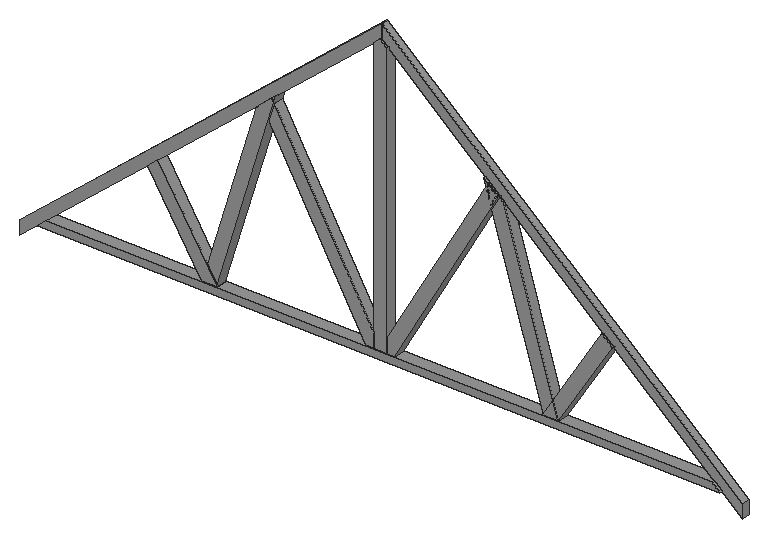
Revit family "ModifiedQueenTruss", category Structural Framing, Revit 2023
Family settings
  Section Shape = Not Defined
  Material for Model Behavior = Other
  Always export as geometry = No
  OmniClass Number = 23.25.30.21.14
  OmniClass Title = Trussed Beams and Joists
  Work Plane-Based = No
  Always vertical = Yes
  Cut with Voids When Loaded = No
  Symbolic Representation = From Family
  Shared = No
  Show family pre-cut in plan views = Yes
Parameters
  WebWidth [instance] = 150 mm
  WebDepth [instance] = 200 mm
  TopWidth [instance] = 100 mm
  T_Volume [instance] = 0.00 m³
  Structural Material [instance] = Poche
  SpanRight [instance] = 5000 mm
  SpanLeft [instance] = 5000 mm
  Span [instance] = SpanLeft + SpanRight  # 10000 mm
  SlopeRight [instance] = 40.00°
  SlopeLeft [instance] = 40.00°
  OverhangRight [instance] = 300 mm
  OverhangLeft [instance] = 300 mm
  BottomWidth [instance] = 200 mm
  BottomDepth [instance] = 100 mm
  TopDepth [instance] = 150 mm
Reference planes
  plane 1 "Center (Front/Back)": y = 0
  plane 2: z = 0
  plane 3 "Center (Left/Right)": x = 0
  plane 4: x = 5000
  plane 5: x = 5300
  plane 6: x = -5000
  plane 7: x = -5300
  plane 8: z = 100
  plane 9: x = 100
  plane 10: x = -100
  plane 11: y = 50
  plane 12: y = 75
  plane 13: y = 100
  plane 14: y = -50
  plane 15: y = -75
  plane 16: y = -100
  plane 17: x = 1666.667
  plane 18: x = 3333.333
  plane 19: x = -1666.667
  plane 20: x = -3333.333
  plane 21: x = 2500
  plane 22: x = -2500
Forms (mm)
  Extrusion 1, solid, material "Cherry"
    sketch origin (0, 0, 0) x (1, 0, 0) y (0, 0, 1)
      loop
        line (-5300, -251.73) -> (0, 4195.498) -> (0, 4391.309) -> (-5300, -55.919) -> (-5300, -251.73)
    from -50 to 50
  Extrusion 2, solid, material "Cherry"
    sketch origin (0, 0, 0) x (1, 0, 0) y (0, 0, 1)
      loop
        line (5300, -251.73) -> (5300, -55.919) -> (0, 4391.309) -> (0, 4195.498) -> (5300, -251.73)
    from -50 to 50
  Extrusion 3, solid, material "Cherry"
    sketch origin (0, 0, 0) x (1, 0, 0) y (0, 0, 1)
      loop
        line (-5000, 0) -> (5000, 0) -> (4880.825, 100) -> (-4880.825, 100) -> (-5000, 0)
    from -100 to 100
  Extrusion 4, solid, material "Cherry"
    sketch origin (0, 0, 0) x (1, 0, 0) y (0, 0, 1)
      loop
        line (-2381.178, 100) -> (-3256.101, 1463.305) -> (-3410.565, 1333.694) -> (-2618.822, 100) -> (-2381.178, 100)
    from -75 to 75
  Extrusion 5, solid, material "Cherry"
    sketch origin (0, 0, 0) x (1, 0, 0) y (0, 0, 1)
      loop
        line (-1525.367, 2915.563) -> (-1807.966, 2678.434) -> (-2604.665, 100) -> (-2395.335, 100) -> (-1525.367, 2915.563)
    from -75 to 75
  Extrusion 6, solid, material "Cherry"
    sketch origin (0, 0, 0) x (1, 0, 0) y (0, 0, 1)
      loop
        line (1807.966, 2678.434) -> (1525.367, 2915.563) -> (2395.335, 100) -> (2604.665, 100) -> (1807.966, 2678.434)
    from -75 to 75
  Extrusion 7, solid, material "Cherry"
    sketch origin (0, 0, 0) x (1, 0, 0) y (0, 0, 1)
      loop
        line (3410.565, 1333.694) -> (3256.101, 1463.305) -> (2381.178, 100) -> (2618.822, 100) -> (3410.565, 1333.694)
    from -75 to 75
  Extrusion 8, solid, material "Cherry"
    sketch origin (0, 0, 0) x (1, 0, 0) y (0, 0, 1)
      loop
        line (-1744.417, 2731.759) -> (-215.648, 100) -> (-100, 100) -> (-100, 299.086) -> (-1588.917, 2862.239) -> (-1744.417, 2731.759)
    from -75 to 75
  Extrusion 9, solid, material "Cherry"
    sketch origin (0, 0, 0) x (1, 0, 0) y (0, 0, 1)
      loop
        line (1744.417, 2731.759) -> (1588.917, 2862.239) -> (100, 299.086) -> (100, 100) -> (215.648, 100) -> (1744.417, 2731.759)
    from -75 to 75
  Extrusion 10, solid, material "Cherry"
    sketch origin (0, 0, 0) x (1, 0, 0) y (0, 0, 1)
      loop
        line (100, 100) -> (100, 4111.588) -> (0, 4195.498) -> (-100, 4111.588) -> (-100, 100) -> (100, 100)
    from -75 to 75
Lines and regions (mm)
  reference lines
    curve 1: line (5000, 0, 0) -> (0, 0, 4195.498)
    curve 2: line (5233.359, 0, 0) -> (95, 0, 4311.595)
    curve 3: line (-5000, 0, 0) -> (0, 0, 4195.498)
    curve 4: line (-5088.866, 0, 121.244) -> (-137.055, 0, 4276.306)
    curve 5: line (1666.667, 0, 2796.999) -> (100, 0, 100)
    curve 6: line (1666.667, 0, 2796.999) -> (2500, 0, 100)
    curve 7: line (3333.333, 0, 1398.499) -> (2500, 0, 100)
    curve 8: line (-100, 0, 100) -> (-1666.667, 0, 2796.999)
    curve 9: line (-1666.667, 0, 2796.999) -> (-2500, 0, 100)
    curve 10: line (-2500, 0, 100) -> (-3333.333, 0, 1398.499)
    curve 11: line (3204.078, 0, 1382.243) -> (2483.161, 0, 258.909)
    curve 12: line (3462.588, 0, 1414.756) -> (2553.917, 0, -1.134)
    curve 13: line (1841.023, 0, 2571.45) -> (2614.273, 0, 68.905)
    curve 14: line (1492.311, 0, 3022.547) -> (2499.435, 0, -236.91)
    curve 15: line (16.134, 0, 99.163) -> (-1531.311, 0, 2763.071)
    curve 16: line (-87.598, 0, -120.437) -> (-1802.023, 0, 2830.927)
    curve 17: line (-1841.023, 0, 2571.45) -> (-2614.273, 0, 68.905)
    curve 18: line (-1492.311, 0, 3022.547) -> (-2499.435, 0, -236.91)
    curve 19: line (-2483.161, 0, 258.909) -> (-3204.078, 0, 1382.243)
    curve 20: line (-2553.917, 0, -1.134) -> (-3462.588, 0, 1414.756)
    curve 21: line (1463.633, 0, 2646.564) -> (-103.86, 0, -51.858)
    curve 22: line (1869.701, 0, 2947.434) -> (-92.483, 0, -430.443)
Dimensions and locks
  "OverhangLeft": plane 4 to plane 5
  "OverhangRight": plane 6 to plane 7
  "SpanRight": plane 3 "Center (Left/Right)" to plane 6
  "SpanLeft": plane 3 "Center (Left/Right)" to plane 4
  "BottomDepth": level to plane 8
  equal spacing: plane 10, plane 3 "Center (Left/Right)", plane 9
  "WebDepth": plane 10 to plane 9
  "TopDepth": curve 1 to curve 2
  "TopDepth": curve 4 to curve 3
  equal spacing: plane 11, plane 1 "Center (Front/Back)", plane 14
  equal spacing: plane 12, plane 1 "Center (Front/Back)", plane 15
  equal spacing: plane 13, plane 1 "Center (Front/Back)", plane 16
  "TopWidth": plane 11 to plane 14
  "WebWidth": plane 12 to plane 15
  "BottomWidth": plane 13 to plane 16
  equal spacing: plane 4, plane 18, plane 17, plane 3 "Center (Left/Right)"
  equal spacing: plane 3 "Center (Left/Right)", plane 19, plane 20, plane 6
  equal spacing: plane 18, plane 21, plane 17
  equal spacing: plane 20, plane 22, plane 19
  equal spacing: curve 12, curve 7, curve 11
  equal spacing: curve 13, curve 6, curve 14
  equal spacing: curve 16, curve 8, curve 15
  equal spacing: curve 18, curve 9, curve 17
  equal spacing: curve 20, curve 10, curve 19
  "WebDepth": curve 12 to curve 11
  "WebDepth": curve 13 to curve 14
  "WebDepth": curve 18 to curve 17
  "WebDepth": curve 16 to curve 15
  "WebDepth": curve 20 to curve 19
  equal spacing: curve 22, curve 5, curve 21
  "WebDepth": curve 22 to curve 21
  "SlopeLeft": angle level to curve 1
  "SlopeRight": angle curve 3 to level
  aligned and locked: plane 2 to level
  aligned and locked: level to curve 1
  aligned and locked: plane 3 "Center (Left/Right)" to curve 1
  aligned and locked: plane 4 to curve 1
  aligned and locked: plane 6 to curve 3
  aligned and locked: plane 8 to curve 5
  aligned and locked: Extrusion 1 sketch curve to curve 3
  aligned and locked: Extrusion 1 sketch curve to curve 4
  aligned and locked: plane 3 "Center (Left/Right)" to Extrusion 1 sketch curve
  aligned and locked: Extrusion 1 sketch curve to plane 7
  aligned and locked: Extrusion 2 sketch curve to curve 1
  aligned and locked: Extrusion 2 sketch curve to curve 2
  aligned and locked: plane 3 "Center (Left/Right)" to Extrusion 2 sketch curve
  aligned and locked: plane 5 to Extrusion 2 sketch curve
  aligned and locked: level to Extrusion 3 sketch curve
  aligned and locked: plane 8 to Extrusion 3 sketch curve
  aligned and locked: Extrusion 1 to Extrusion 3 sketch curve
  aligned and locked: Extrusion 2 to Extrusion 3 sketch curve
  aligned and locked: Extrusion 3 to plane 13
  aligned and locked: Extrusion 3 to plane 16
  aligned and locked: Extrusion 1 to plane 11
  aligned and locked: Extrusion 1 to plane 14
  aligned and locked: Extrusion 2 to plane 11
  aligned and locked: Extrusion 2 to plane 14
  aligned and locked: Extrusion 4 sketch curve to curve 19
  aligned and locked: curve 20 to Extrusion 4 sketch curve
  aligned and locked: Extrusion 1 to Extrusion 4 sketch curve
  aligned and locked: Extrusion 3 to Extrusion 4 sketch curve
  aligned and locked: curve 18 to Extrusion 5 sketch curve
  aligned and locked: Extrusion 5 sketch curve to curve 17
  aligned and locked: Extrusion 1 to Extrusion 5 sketch curve
  aligned and locked: Extrusion 3 to Extrusion 5 sketch curve
  aligned and locked: Extrusion 6 sketch curve to curve 13
  aligned and locked: curve 14 to Extrusion 6 sketch curve
  aligned and locked: Extrusion 2 to Extrusion 6 sketch curve
  aligned and locked: Extrusion 3 to Extrusion 6 sketch curve
  aligned and locked: curve 12 to Extrusion 7 sketch curve
  aligned and locked: Extrusion 7 sketch curve to curve 11
  aligned and locked: Extrusion 2 to Extrusion 7 sketch curve
  aligned and locked: Extrusion 3 to Extrusion 7 sketch curve
  aligned and locked: Extrusion 1 to Extrusion 8 sketch curve
  aligned and locked: curve 15 to Extrusion 8 sketch curve
  aligned and locked: curve 16 to Extrusion 8 sketch curve
  aligned and locked: plane 10 to Extrusion 8 sketch curve
  aligned and locked: Extrusion 3 to Extrusion 8 sketch curve
  aligned and locked: curve 22 to Extrusion 9 sketch curve
  aligned and locked: Extrusion 9 sketch curve to curve 21
  aligned and locked: Extrusion 2 to Extrusion 9 sketch curve
  aligned and locked: Extrusion 3 to Extrusion 9 sketch curve
  aligned and locked: Extrusion 9 sketch curve to plane 9
  aligned and locked: Extrusion 10 sketch curve to plane 9
  aligned and locked: plane 10 to Extrusion 10 sketch curve
  aligned and locked: Extrusion 3 to Extrusion 10 sketch curve
  aligned and locked: Extrusion 10 sketch curve to Extrusion 2
  aligned and locked: Extrusion 1 to Extrusion 10 sketch curve
  aligned and locked: Extrusion 5 to plane 12
  aligned and locked: Extrusion 5 to plane 15
  aligned and locked: Extrusion 4 to plane 12
  aligned and locked: Extrusion 4 to plane 15
  aligned and locked: Extrusion 8 to plane 12
  aligned and locked: Extrusion 8 to plane 15
  aligned and locked: Extrusion 7 to plane 12
  aligned and locked: Extrusion 7 to plane 15
  aligned and locked: Extrusion 9 to plane 12
  aligned and locked: Extrusion 9 to plane 15
  aligned and locked: Extrusion 10 to plane 12
  aligned and locked: Extrusion 10 to plane 15
  aligned and locked: Extrusion 6 to plane 12
  aligned and locked: Extrusion 6 to plane 15
Automatic sketch dimensions
  plane 20 to curve 10 = 0 mm
  curve 9 to plane 8 = 0 mm
  curve 9 to plane 22 = 0 mm
  plane 19 to curve 9 = 0 mm
  curve 8 to plane 8 = 0 mm
  curve 8 to plane 10 = 0 mm
  plane 9 to curve 5 = 0 mm
  curve 6 to plane 17 = 0 mm
  curve 7 to plane 8 = 0 mm
  curve 7 to plane 21 = 0 mm
  curve 7 to plane 18 = 0 mm
  curve 2 to level = 0 mm
  curve 4 to plane 8 = 21.244 mm
  plane 20 to curve 20 = 129.255 mm
  curve 19 to plane 20 = 129.255 mm
  plane 8 to curve 17 = 31.095 mm
  level to curve 20 = 1.134 mm
  plane 22 to curve 18 = 0.565 mm
  plane 22 to curve 19 = 16.839 mm
  plane 19 to curve 17 = 174.356 mm
  plane 19 to curve 16 = 135.356 mm
  curve 15 to plane 19 = 135.356 mm
  curve 18 to plane 19 = 174.356 mm
  curve 4 to plane 10 = 37.055 mm
  curve 21 to plane 10 = 3.86 mm
  plane 10 to curve 22 = 7.517 mm
  plane 10 to curve 16 = 12.402 mm
  plane 8 to curve 15 = 0.837 mm
  plane 9 to curve 2 = 5 mm
  curve 21 to plane 17 = 203.034 mm
  curve 14 to plane 17 = 174.356 mm
  plane 17 to curve 13 = 174.356 mm
  plane 17 to curve 22 = 203.034 mm
  curve 11 to plane 21 = 16.839 mm
  curve 14 to plane 21 = 0.565 mm
  level to curve 12 = 1.134 mm
  plane 8 to curve 13 = 31.095 mm
  curve 11 to plane 18 = 129.255 mm
  plane 18 to curve 12 = 129.255 mm
